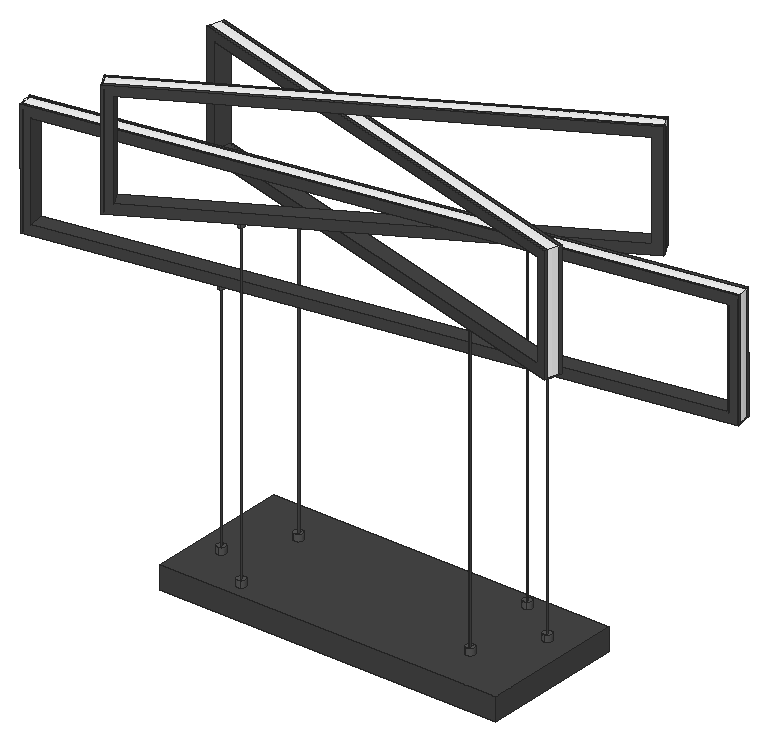
Revit family "AFX-Cole-LED_39_Pendant-", category Lighting Fixtures, host Face, Revit 2021
Family settings
  Host = Face
  Round Connector Dimension = Use Diameter
  Part Type = Normal
  Cut with Voids When Loaded = No
  Light Source = Yes
  Shared = No
  Room Calculation Point = No
Parameters (values of type "COLP39L30D1BK")
  Width = 14 1/2"
  Wattage Comments = "34"
  Wattage = 34 W
  built-in parameter 1150110 = 1 (stored number, unit not read)
  Voltage = 120 V
  URL = "https://www.afxinc.com/"
  Type Comments = "Cole"  # constant formula
  built-in parameter 1114217 = 1 (stored number, unit not read)
  Tilt Angle = 0.00°
  built-in parameter 1150109 = 1 (stored number, unit not read)
  built-in parameter 1150134 = (empty or 0)
  built-in parameter 1150113 = 1 (stored number, unit not read)
  Revit File Built By = "https://servex-us.com/servex-revit/"
  Product Documentation Link = "https://www.afxinc.com/products/productDetail.cfm?productID=1200"
  Photometric Web File = "COLP39L30D1xx_IES.IES"
  Model = "COLP39L30D1BK"
  Manufacturer = "AFX Inc"  # constant formula
  built-in parameter 1150105 = 1412.2 (stored number, unit not read)
  Lumens = 5050.43 lm
  built-in parameter 1150115 = 1 (stored number, unit not read)
  built-in parameter 1150137 = (empty or 0)
  built-in parameter 1150139 = (empty or 0)
  Length = 39"
  built-in parameter 1150112 = 1 (stored number, unit not read)
  built-in parameter 1150114 = 1 (stored number, unit not read)
  L Cord [instance] = if(or(Cord Dist > 108", Cord Dist < 10"), 10", Cord Dist)  # 20"
  Keynote = "12500"  # constant formula
  built-in parameter 1150132 = (empty or 0)
  built-in parameter 1150102 = (empty or 0)
  built-in parameter 1150107 = 3000 (stored number, unit not read)
  built-in parameter 1150138 = (empty or 0)
  built-in parameter 1150106 = 14.122 (stored number, unit not read)
  Height = 11"
  Frame Finish = AFX - Aluminum Black
  built-in parameter 1150104 = 13.8 (stored number, unit not read)
  Dimming Lamp Color Temperature Shift = <None>
  Diffuser Finish = AFX - White Acrylic
  Description = "Layered Contemporary LED pendant with extruded aluminum housing and 3 sided illumination Suspended by a 9 ft adjustable cable - 39\"L x 14 1/2\"W x 11\"H"
  Default Elevation = 48"
  Cord Finish = AFX - Plastic Black
  Colour Rendering Index = "90CRI"
  Color Filter = 16777215
  Cord Dist Range [instance] = if(L Cord > 108", "Not Range", "9 ft. (108 In) - Adjustable Cord")  # "9 ft. (108 In) - Adjustable Cord"
  Cord Dist [instance] = 20"
  Canopy Finish = AFX - Aluminum Black
  built-in parameter 1114218 = 1 (stored number, unit not read)
  built-in parameter 1150133 = 10 (stored number, unit not read)
  Assembly Code = "D5020200"
  Apparent Load = 0 VA
Reference planes (in)
  plane 1 "Center (Front/Back)": y = 0
  plane 2: z = 0
  plane 3 "Center (Left/Right)": x = 0
  plane 4: z = 1.3779
  plane 5: z = 16.18997
  plane 6: z = 19.47557
  plane 7: z = 17.18997
  plane 8: through (0, 0, 48) normal (-0.5, 0.866, 0)
  plane 9: z = 21.3779
  plane 10: z = 66.24125
  plane 11: through (-12.53345, 3.35818, 48) normal (-0.2588, -0.9659, 0)
  plane 12: through (-18.65976, -3.29048, 48) normal (-0.1736, 0.9848, 0)
  plane 13: through (-11.2373, -6.48814, 48) normal (0.5, -0.866, 0)
Forms (in)
  Extrusion 1, solid, material "AFX - Aluminum Black" <- "Canopy Finish"
    sketch origin (0, 0, 0) x (1, 0, 0) y (0, 1, 0)
      loop
        line (-10.2362, 4.3307) -> (-10.2362, -4.3307) -> (10.2362, -4.3307) -> (10.2362, 4.3307) -> (-10.2362, 4.3307)
    from 0 to 1.3779
  Revolve 2, solid, material "AFX - Plastic Black" <- "Cord Finish"
    sketch origin (-6.66034, 1.78449, 0) x (0.258819, 0.965926, 0) y (0, 0, 1)
      loop
        line (0, 1.3779) -> (0.25664, 1.3779) -> (0.25664, 1.73223) -> (0.03906, 1.73223) -> (0.03906, 19.11945) -> (0.17851, 19.11945) -> (0.17851, 19.47557) -> (0, 19.47557) -> (0, 1.3779)
      axis (0, 19.47557) -> (0, 1.3779)
    angle from 0 to 360
  Revolve 3, solid, material "AFX - Plastic Black" <- "Cord Finish"
    sketch origin (-8.72375, -1.53849, 0) x (-0.173648, 0.984808, 0) y (0, 0, 1)
      loop
        line (0, 1.3779) -> (0.25664, 1.3779) -> (0.25664, 1.73223) -> (0.03906, 1.73223) -> (0.03906, 15.83385) -> (0.17851, 15.83385) -> (0.17851, 16.18997) -> (0, 16.18997) -> (0, 1.3779)
      axis (0, 16.18997) -> (0, 1.3779)
    angle from 0 to 360
  Revolve 4, solid, material "AFX - Plastic Black" <- "Cord Finish"
    sketch origin (-5.97236, -3.44842, 0) x (0.5, -0.866025, 0) y (0, 0, 1)
      loop
        line (0, 1.3779) -> (0.25664, 1.3779) -> (0.25664, 1.73223) -> (0.03906, 1.73223) -> (0.03906, 21.02178) -> (0.17851, 21.02178) -> (0.17851, 21.3779) -> (0, 21.3779) -> (0, 1.3779)
      axis (0, 21.3779) -> (0, 1.3779)
    angle from 0 to 360
  Revolve 5, solid, material "AFX - Plastic Black" <- "Cord Finish"
    sketch origin (8.7238, 1.53798, 0) x (-0.173648, 0.984808, 0) y (0, 0, -1)
      loop
        line (0, -1.3779) -> (0, -16.18997) -> (0.17851, -16.18997) -> (0.17851, -15.83385) -> (0.03906, -15.83385) -> (0.03906, -1.73223) -> (0.25664, -1.73223) -> (0.25664, -1.3779) -> (0, -1.3779)
      axis (0, -16.18997) -> (0, -1.3779)
    angle from 0 to 360
  Revolve 6, solid, material "AFX - Plastic Black" <- "Cord Finish"
    sketch origin (6.66015, -1.78473, 0) x (0.258819, 0.965926, 0) y (0, 0, -1)
      loop
        line (0, -1.3779) -> (0, -19.47557) -> (0.17851, -19.47557) -> (0.17851, -19.11945) -> (0.03906, -19.11945) -> (0.03906, -1.73223) -> (0.25664, -1.73223) -> (0.25664, -1.3779) -> (0, -1.3779)
      axis (0, -19.47557) -> (0, -1.3779)
    angle from 0 to 360
  Revolve 7, solid, material "AFX - Plastic Black" <- "Cord Finish"
    sketch origin (5.97271, 3.44807, 0) x (0.5, -0.866025, 0) y (0, 0, -1)
      loop
        line (0, -1.3779) -> (0, -21.3779) -> (0.17851, -21.3779) -> (0.17851, -21.02178) -> (0.03906, -21.02178) -> (0.03906, -1.73223) -> (0.25664, -1.73223) -> (0.25664, -1.3779) -> (0, -1.3779)
      axis (0, -21.3779) -> (0, -1.3779)
    angle from 0 to 360
Lines and regions (in)
  symbolic lines
    curve 1: line (10.2362, 4.3307, 0) -> (-10.2362, 4.3307, 0)
    curve 2: line (-10.2362, 4.3307, 0) -> (-10.2362, -4.3307, 0)
    curve 3: line (-10.2362, -4.3307, 0) -> (10.2362, -4.3307, 0)
    curve 4: line (10.2362, -4.3307, 0) -> (10.2362, 4.3307, 0)
Dimensions and locks (in)
  locked: plane 2 to plane 4 at 1.3779
  plane 9 to plane 6 to plane 7 to plane 5 = 1 231/256" locked, 2.2856" locked, 1" locked
  locked: Revolve 2 sketch curve to Revolve 2 sketch curve at 0.17851
  locked: Revolve 3 sketch curve to Revolve 3 sketch curve at 0.17851
  plane 6 to Revolve 2 sketch curve = 0.35612"
  locked: plane 6 to Revolve 2 sketch curve at 0.35612
  locked: Revolve 2 sketch curve to plane 4 at 0.35433
  locked: Revolve 4 sketch curve to Revolve 4 sketch curve at 0.17851
  locked: plane 9 to Revolve 4 sketch curve at 0.35612
  nested 1 to plane 5 = 7 5/64"
  equal spacing: Extrusion 1 sketch curve, imposter light, Extrusion 1 sketch curve
  locked: Extrusion 1 sketch curve to Extrusion 1 sketch curve at 20.4724
  equal spacing: Extrusion 1 sketch curve, plane 1 "Center (Front/Back)", Extrusion 1 sketch curve
  locked: Extrusion 1 sketch curve to Extrusion 1 sketch curve at 8.6614
  locked: Revolve 5 sketch curve to Revolve 5 sketch curve at 0.17851
  Revolve 5 to nested 1 to Revolve 3 = 8.85835" locked, 8.85835"
  locked: Revolve 6 sketch curve to Revolve 6 sketch curve at 0.17851
  Revolve 6 to nested 2 to Revolve 2 = 6.8952" locked, 6.8952" locked
  locked: Revolve 7 sketch curve to Revolve 7 sketch curve at 0.17851
  Revolve 7 to nested 3 to Revolve 4 = 6.89649" locked, 6.89649" locked
  locked: nested 3 to plane 9 at 7.07813
  locked: nested 2 to plane 6 at 7.07812
  locked: plane 5 to nested 1 at 7.07812
  "L Cord": plane 9 to plane 4
  aligned and locked: plane 2 to host face
  aligned and locked: level to host face
  aligned and locked: Extrusion 1 to plane 2
  aligned and locked: Extrusion 1 to plane 4
  aligned and locked: plane 3 "Center (Left/Right)" to imposter light
  aligned and locked: plane 1 "Center (Front/Back)" to imposter light
  aligned and locked: nested 1 to plane 5  (x2)
  aligned and locked: plane 5 to nested 1
  aligned and locked: plane 9 to nested 3  (x2)
  aligned and locked: nested 3 to plane 9
  aligned and locked: plane 6 to nested 2
  aligned and locked: imposter light to plane 7
  aligned and locked: nested 2 to plane 6
Automatic sketch dimensions
  curve 1 to plane 1 "Center (Front/Back)" = 4.3307"
  curve 1 to plane 3 "Center (Left/Right)" = 10.2362"
  plane 1 "Center (Front/Back)" to curve 3 = 4.3307"
  plane 3 "Center (Left/Right)" to curve 3 = 10.2362"
  host sketch curve to host sketch curve = 96"  (x2)
  plane 4 to Revolve 2 sketch curve = 0"
  Revolve 2 sketch curve to plane 11 = 0"  (x2)
  Revolve 2 sketch curve to plane 6 = 0"
  Revolve 2 sketch curve to plane 11 = 5/128"
  Revolve 2 sketch curve to Revolve 2 sketch curve = 0.25664"
  Revolve 2 sketch curve to Revolve 2 sketch curve = 3.72325"
  Revolve 2 sketch curve to Revolve 2 sketch curve = 2 1/2"
  Revolve 3 sketch curve to plane 4 = 0"
  Revolve 3 sketch curve to plane 12 = 0"  (x2)
  Revolve 3 sketch curve to plane 5 = 0"
  plane 12 to Revolve 3 sketch curve = 5/128"
  Revolve 3 sketch curve to Revolve 3 sketch curve = 0.25664"
  Revolve 3 sketch curve to Revolve 3 sketch curve = 0.35433"
  plane 5 to Revolve 3 sketch curve = 0.35612"
  Revolve 3 sketch curve to Revolve 3 sketch curve = 3.72325"
  Revolve 3 sketch curve to Revolve 3 sketch curve = 2 1/2"
  plane 4 to Revolve 4 sketch curve = 0"
  Revolve 4 sketch curve to plane 13 = 0"  (x2)
  Revolve 4 sketch curve to plane 9 = 0"
  plane 13 to Revolve 4 sketch curve = 5/128"
  plane 13 to Revolve 4 sketch curve = 0.25664"
  Revolve 4 sketch curve to plane 4 = 0.35433"
  Revolve 4 sketch curve to Revolve 4 sketch curve = 3.72325"
  Revolve 4 sketch curve to Revolve 4 sketch curve = 2 1/2"
  plane 4 to Revolve 5 sketch curve = 0"
  Revolve 5 sketch curve to plane 12 = 0"  (x2)
  plane 5 to Revolve 5 sketch curve = 0"
  plane 12 to Revolve 5 sketch curve = 5/128"
  plane 12 to Revolve 5 sketch curve = 0.25664"
  plane 5 to Revolve 5 sketch curve = 0.35612"
  Revolve 5 sketch curve to plane 4 = 0.35433"
  Revolve 5 sketch curve to Revolve 5 sketch curve = 6.22325"
  Revolve 5 sketch curve to Revolve 5 sketch curve = 2 1/2"
  Revolve 6 sketch curve to plane 4 = 0"
  Revolve 6 sketch curve to plane 11 = 0"  (x2)
  plane 6 to Revolve 6 sketch curve = 0"
  Revolve 6 sketch curve to plane 11 = 5/128"
  Revolve 6 sketch curve to Revolve 6 sketch curve = 0.25664"
  Revolve 6 sketch curve to plane 6 = 0.35612"
  Revolve 6 sketch curve to plane 4 = 0.35433"
  Revolve 6 sketch curve to Revolve 6 sketch curve = 6.22325"
  Revolve 6 sketch curve to Revolve 6 sketch curve = 2 1/2"
  Revolve 7 sketch curve to plane 4 = 0"
  Revolve 7 sketch curve to plane 13 = 0"  (x2)
  plane 9 to Revolve 7 sketch curve = 0"
  plane 13 to Revolve 7 sketch curve = 5/128"
  plane 13 to Revolve 7 sketch curve = 0.25664"
  Revolve 7 sketch curve to plane 9 = 0.35612"
  Revolve 7 sketch curve to plane 4 = 0.35433"
  Revolve 7 sketch curve to Revolve 7 sketch curve = 6.22325"
  Revolve 7 sketch curve to Revolve 7 sketch curve = 2 1/2"
Nested families (in)
  nested 1: "Frame Cole" at (0.00002, -0.00025, 16.18997) x (0.9848, 0.1736, 0) z (0, 0, 1), Diffuser Finish <- "Diffuser Finish", Frame Finish <- "Frame Finish", type "Frame Cole"
    with W Frame 39", H Frame 7 5/64", Frame Finish AFX - Aluminum Black, Diffuser Finish AFX - White Acrylic
  nested 2: "Frame Cole" at (-0.00009, -0.00012, 19.47557) x (0.9659, -0.2588, 0) z (0, 0, 1), Diffuser Finish <- "Diffuser Finish", Frame Finish <- "Frame Finish", type "Frame Cole"
    with W Frame 27 9/64", H Frame 7 5/64", Frame Finish AFX - Aluminum Black, Diffuser Finish AFX - White Acrylic
  nested 3: "Frame Cole" at (0.00018, -0.00018, 21.3779) x (0.866, 0.5, 0) z (0, 0, 1), Diffuser Finish <- "Diffuser Finish", Frame Finish <- "Frame Finish", type "Frame Cole"
    with W Frame 27 9/64", H Frame 7 5/64", Frame Finish AFX - Aluminum Black, Diffuser Finish AFX - White Acrylic
Connectors (in)
  electrical at (0, 0, 0), driven by "Voltage", driven by "Apparent Load"
    settings: on Extrusion 1, index 1, voltage 120 V, apparent load 0 VA, apparent load phase1 0 VA, apparent load phase2 0 VA, apparent load phase3 0 VA, power factor 1, load classification "Lighting", number of poles 1, system type 31, power factor state 1, is connector primary yes, connector utility no, sub classification motor no, connector description ""
Definition of nested family "Frame Cole"
  Parameters
    W Frame [instance] = 24.03057"
    H Frame [instance] = 9.8506"
    Frame Finish [instance] = none
    Diffuser Finish [instance] = none
    Default Elevation = 0"
  Reference planes (in)
    plane 1 "Center (Front/Back)": y = 0
    plane 2: z = 0
    plane 3 "Center (Left/Right)": x = 0
    plane 4: z = 9.8506
    plane 5: x = -12.01529
    plane 6: x = 12.01529
  Forms (in)
    Sweep 1, solid, material <- "Diffuser Finish"
      path origin (0, 0, 0) x (1, 0, 0) y (0, 0, 1)
        loop
          line (-12.01529, 0.05523) -> (-12.01529, 9.8506) -> (12.01529, 9.8506) -> (12.01529, 0.05523)
      profile origin (0, 0, 9.8506) x (0, 0, 1) y (0, -1, 0)
        loop
          line (-0.11811, -0.30555) -> (-0.11811, -0.41354) -> (-0.05905, -0.41354) -> (-0.05905, -0.34942) -> (-0.01948, -0.34942)
          arc (-0.01948, -0.34942) -> (0, 0) -> (-0.01948, 0.34942) r 3.14353
          line (-0.01948, 0.34942) -> (-0.05905, 0.34942) -> (-0.05905, 0.41354) -> (-0.11811, 0.41354) -> (-0.11811, 0.30529) -> (-0.05409, 0.30529)
          arc (-0.05409, 0.30529) -> (-0.03818, -0.00013) -> (-0.05409, -0.30555) r 2.93956
          line (-0.05409, -0.30555) -> (-0.11811, -0.30555)
    Sweep 2, solid, material <- "Frame Finish"
      path origin (0, 0, 0) x (1, 0, 0) y (0, 0, 1)
        loop
          line (-12.01529, 9.8506) -> (-12.01529, 0) -> (12.01529, 0) -> (12.01529, 9.8506) -> (-12.01529, 9.8506)
      profile origin (0, 0, 9.8506) x (0, 0, 1) y (0, -1, 0)
        loop
          line (-0.00798, -0.36629) -> (-0.05523, -0.36629) -> (-0.05523, -0.43322) -> (-0.53948, -0.43322) -> (-0.53948, 0.43322) -> (-0.05523, 0.43322) -> (-0.05523, 0.36629) -> (-0.00798, 0.36629) -> (-0.00798, 0.49225) -> (-0.59853, 0.49225) -> (-0.59853, -0.49225) -> (-0.00798, -0.49225) -> (-0.00798, -0.36629)
    Extrusion 3, solid, material <- "Frame Finish"
      sketch origin (0, 0, 0) x (0, 1, 0) y (0, 0, 1)
        loop
          line (0.36629, 0) -> (0.36629, 0.05523) -> (-0.36629, 0.05523) -> (-0.36629, 0) -> (0.36629, 0)
      from -12.01529 to 12.01529
  Lines and regions (in)
    symbolic lines
      curve 1: line (12.0073, 0.49225, 0) -> (-12.0073, 0.49225, 0)
      curve 2: line (-12.0073, 0.49225, 0) -> (-12.0073, 0.36629, 0)
      curve 3: line (-12.0073, 0.36629, 0) -> (12.0073, 0.36629, 0)
      curve 4: line (12.0073, 0.36629, 0) -> (12.0073, 0.49225, 0)
      curve 5: line (-12.0073, -0.49225, 0) -> (12.0073, -0.49225, 0)
      curve 6: line (12.0073, -0.49225, 0) -> (12.0073, -0.36629, 0)
      curve 7: line (12.0073, -0.36629, 0) -> (-12.0073, -0.36629, 0)
      curve 8: line (-12.0073, -0.36629, 0) -> (-12.0073, -0.49225, 0)
      curve 9: arc (-11.99387, -0.36629, 0) -> (-12.01529, 0, 0) -> (-11.99387, 0.36629, 0) r 3.14353
      curve 10: arc (11.99387, -0.36629, 0) -> (12.01529, 0, 0) -> (11.99387, 0.36629, 0) r 3.14353
  Dimensions and locks (in)
    "H Frame": plane 4 to plane 2
    equal spacing: plane 5, plane 3 "Center (Left/Right)", plane 6
    "W Frame": plane 5 to plane 6
    Sweep 1 sketch curve to Sweep 1 sketch curve to Sweep 1 sketch curve to Sweep 1 sketch curve to Sweep 1 sketch curve to Sweep 1 sketch curve = 0.06412" locked, 0.04386" locked, 0.61084", 0.04412" locked, 0.06412" locked
    locked: Sweep 1 sketch curve to Sweep 1 sketch curve at 0.05906
    Sweep 2 sketch curve to Sweep 2 sketch curve to Sweep 2 sketch curve to Sweep 2 sketch curve to Sweep 2 sketch curve to Sweep 2 sketch curve = 0.05903" locked, 0.06693" locked, 0.73259", 0.06693" locked, 0.05903" locked
    profile plane to Sweep 2 sketch curve to Sweep 2 sketch curve to Sweep 2 sketch curve to Sweep 2 sketch curve = 0.00798" locked, 0.04724" locked, 0.48425" locked, 0.05905" locked
    locked: Extrusion 3 to plane 2 at 0.05523
    aligned and locked: plane 2 to level
    aligned and locked: plane 4 to Sweep 1 sketch curve
    aligned and locked: Sweep 1 sketch curve to plane 6
    aligned and locked: Sweep 1 sketch curve to plane 5
    aligned and locked: Sweep 1 sketch curve to Sweep 1 sketch curve  (x2)
    aligned and locked: Sweep 2 sketch curve to plane 5
    aligned and locked: Sweep 2 sketch curve to plane 6
    aligned and locked: plane 2 to Sweep 2 sketch curve
    aligned and locked: plane 4 to Sweep 2 sketch curve
    aligned and locked: Sweep 2 sketch curve to Sweep 2 sketch curve  (x2)
    aligned and locked: curve 1 to Sweep 2
    aligned and locked: curve 2 to Sweep 2
    aligned and locked: curve 3 to Sweep 2
    aligned and locked: curve 4 to Sweep 2
    aligned and locked: curve 5 to Sweep 2
    aligned and locked: curve 6 to Sweep 2
    aligned and locked: curve 7 to Sweep 2
    aligned and locked: curve 8 to Sweep 2
    aligned and locked: curve 9 to Sweep 1
    aligned and locked: curve 10 to Sweep 1
    aligned and locked: Extrusion 3 sketch curve to Sweep 2  (x2)
    aligned and locked: Sweep 2 to Extrusion 3 sketch curve
    aligned and locked: Extrusion 3 sketch curve to plane 2
    aligned and locked: plane 5 to Extrusion 3
    aligned and locked: plane 6 to Extrusion 3
    aligned and locked: Extrusion 3 to Sweep 1 sketch curve
    aligned and locked: Sweep 1 sketch curve to Extrusion 3
  Automatic sketch dimensions
    Sweep 1 sketch curve to plane 1 "Center (Front/Back)" = 0"
    profile plane to Sweep 1 sketch curve = 3.14353"
    Sweep 1 sketch curve to Sweep 1 sketch curve = 0.16579"
    profile plane to Sweep 1 sketch curve = 0.11811"
    Sweep 1 sketch curve to Sweep 1 sketch curve = 0.00496"  (x2)
    Sweep 1 sketch curve to Sweep 1 sketch curve = 0.03958"  (x2)
    Sweep 2 sketch curve to plane 1 "Center (Front/Back)" = 0.49225"
    curve 9 to plane 5 = 0.02141"  (x2)
    curve 10 to plane 6 = 0.02141"  (x2)
